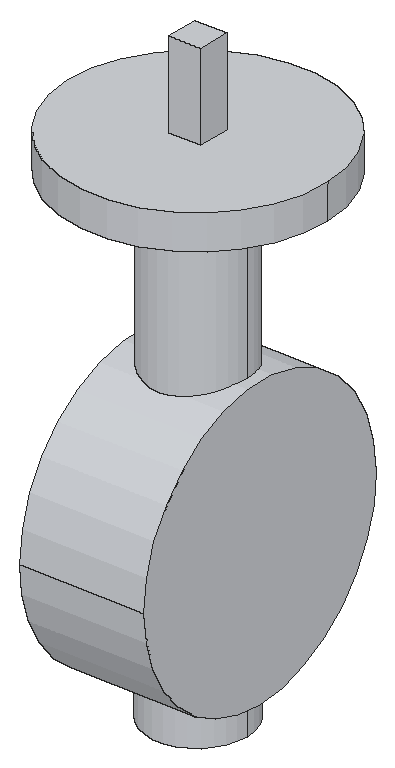
Revit family "HS497-68_disk-nerez_volné vřeteno DN050-RFA_2019", category Pipe Accessories, Revit 2019
Family settings
  Round Connector Dimension = Use Diameter
  Part Type = Valve - Breaks Into
  Work Plane-Based = No
  Always vertical = Yes
  Cut with Voids When Loaded = No
  Shared = No
Parameters (values of type "HS 497-68_DN050_volné vřeteno")
  magiProductId = "d71f296ecd6d4adf8f6e5d9853b4e0"
  magiProductFamilyId = "53cea81e6f374d17b8841d9c72ad77"
  magiPartTypeId = 305
  isMeasuringValve [instance] = no
  ang2D [instance] = 0.00°
  X11 = 61.456 mm
  X1 = 25.456 mm
  W2D = 1000 mm
  VersionID = "2.0/2017.9.26.1/ZETKAMA_497_001"
  Use Minimum Symbol Size [instance] = yes
  URL = "http://www.hydronic.cz"
  Type Comments = "mezipřírubová; nerezový disk; PN16; -10~+110°C (krátkodobě +120°C)"
  SW30 = no
  SW3 = no
  SW21 = no
  SW20 = no
  SW2 = no
  SW1 = yes
  R = 25 mm
  QmdConnectorList = "301;D;302;D"
  Productdata [instance] = ""
  NC = 50 mm
  Manufacturer = "Hydronic Systems Prague s.r.o."
  MM20 = 25.456 mm
  MC Product Code = "124 050 (nerezový disk, s volným vřetenem; DN50; PN16, kvs98)"
  M41 = 66 mm
  M4 = 44 mm
  LHL = 220 mm
  LHH3 = 2.45 mm
  LHH1 = 46.55 mm
  LH1 = 73.333 mm
  L4R__ve = -L4R  # -12.8 mm
  L4R = 12.8 mm
  L42__ve = -L42  # -96 mm
  L42 = 96 mm
  L41__ve = -L41  # -19.2 mm
  L41 = 19.2 mm
  L2D_Min = 3048 mm
  L2D = 216 mm
  L2 = 21.5 mm
  L1 = 34.4 mm
  L = 43 mm
  H = 30 mm
  G22 = 11.25 mm
  G2 = 22.5 mm
  G1 = 90 mm
  G = 90 mm
  F = 11 mm
  E44 = 31.25 mm
  E42 = 62.5 mm
  E4 = 125 mm
  E23 = 4.9 mm
  E22 = 19.6 mm
  E21 = 9.8 mm
  Description = "Mezipřírubová uzavírací klapka s volným vřetenem; nerezový disk, DN50; PN16; kvs98"
  DR2 = 25 mm
  DR = 100 mm
  DD1 = 15.625 mm
  DD = 12.5 mm
  D = 50 mm
  CAT0 = yes
  B2__ve = -B2  # -36.5 mm
  B2 = 36.5 mm
  A2 = 12 mm
  A1 = 83 mm
Types (43, lengths in mm): name | magiProductId | X11 | X1 | Type Comments | SW30 | SW3 | SW20 | SW2 | SW1 | R | NC | Manufacturer | MM20 | MC Product Code | M41 | M4 | LHL | LHH3 | LHH1 | LH1 | L4R__ve | L4R | L42__ve | L42 | L41__ve | L41 | L2 | L1 | L | H | G | F | E44 | E42 | E4 | E23 | E22 | E21 | Description | DR2 | DR | DD1 | DD | D | B2__ve | B2 | A2 | A1
  HS 497-68_DN100_PN16_volné vřeteno | "65d1b245f4f142c78569c0602d5754" | 61.456 | 25.456 | "mezipřírubová; nerezový disk; PN16; -10~+110°C (krátkodobě +120°C)" | no | no | no | no | yes | 50 | 50 | "Hydronic Systems Prague s.r.o." | 25.456 | "124 100 (nerezový disk, s volným vřetenem; DN100; PN16, kvs512)" | 66 | 44 | 220 | 2.45 | 46.55 | 73.333 | -12.8 | 12.8 | -96 | 96 | -19.2 | 19.2 | 26 | 41.6 | 52 | 30 | 90 | 11 | 31.25 | 62.5 | 125 | 4.9 | 19.6 | 9.8 | "Mezipřírubová uzavírací klapka s volným vřetenem; nerezový disk, DN100; PN16; kvs512" | 50 | 147 | 15.625 | 12.5 | 100 | -56 | 56 | 16.5 | 98.5
  HS 497-68_DN100_PN16_převodové kolo | "11e91b807e674d428c8e796fcdcfe2" | 61.456 | 25.456 | "mezipřírubová; nerezový disk; PN16; -10~+110°C (krátkodobě +120°C)" | yes | yes | no | no | no | 50 | 50 | "Hydronic Systems Prague s.r.o." | 25.456 | "126 100 (nerezový disk, s převodovým kolem; DN100; PN16, kvs512)" | 65.25 | 43.5 | 220 | 2.45 | 46.55 | 73.333 | -12.8 | 12.8 | -96 | 96 | -19.2 | 19.2 | 26 | 41.6 | 52 | 30 | 90 | 11 | 31.25 | 62.5 | 125 | 4.9 | 19.6 | 9.8 | "Mezipřírubová uzavírací klapka s převodovým kolem; nerezový disk, DN100; PN16; kvs512" | 50 | 147 | 15.625 | 12.5 | 100 | -56 | 56 | 16.5 | 98.5
  HS 497-68_DN100_PN16_s pákou | "28172f0b3f4b47b28323ac71cf8749" | 61.456 | 25.456 | "mezipřírubová; nerezový disk; PN16; -10~+110°C (krátkodobě +120°C)" | no | no | yes | yes | no | 50 | 50 | "Hydronic Systems Prague s.r.o." | 25.456 | "121 100 (nerezový disk, s pákou; DN100; PN16, kvs512)" | 66 | 44 | 260 | 3 | 57 | 86.667 | -12.8 | 12.8 | -96 | 96 | -19.2 | 19.2 | 26 | 41.6 | 52 | 30 | 90 | 11 | 31.25 | 62.5 | 125 | 6 | 24 | 12 | "Mezipřírubová uzavírací klapka s pákou; nerezový disk, DN100; PN16; kvs512" | 50 | 147 | 15.625 | 12.5 | 100 | -56 | 56 | 16.5 | 98.5
  HS 497-68_DN125_PN16_volné vřeteno | "0d813d910fc14f628bb3c2efbd185c" | 61.456 | 25.456 | "mezipřírubová; nerezový disk; PN16; -10~+110°C (krátkodobě +120°C)" | no | no | no | no | yes | 62.5 | 50 | "Hydronic Systems Prague s.r.o." | 25.456 | "124 125 (nerezový disk, s volným vřetenem; DN125; PN16, kvs872)" | 66 | 44 | 220 | 2.45 | 46.55 | 73.333 | -12.8 | 12.8 | -96 | 96 | -19.2 | 19.2 | 28 | 44.8 | 56 | 33 | 90 | 14 | 31.25 | 62.5 | 125 | 4.9 | 19.6 | 9.8 | "Mezipřírubová uzavírací klapka s volným vřetenem; nerezový disk, DN125; PN16; kvs872" | 62.5 | 180 | 15.625 | 12.5 | 125 | -64 | 64 | 18 | 99.5
  HS 497-68_DN125_PN16_převodové kolo | "c56b7c13f372467684996fb1e0e229" | 61.456 | 25.456 | "mezipřírubová; nerezový disk; PN16; -10~+110°C (krátkodobě +120°C)" | yes | yes | no | no | no | 62.5 | 50 | "Hydronic Systems Prague s.r.o." | 25.456 | "126125 (nerezový disk, s převodovým kolem; DN125; PN16, kvs872)" | 65.25 | 43.5 | 220 | 2.45 | 46.55 | 73.333 | -13.5 | 13.5 | -101.25 | 101.25 | -20.25 | 20.25 | 28 | 44.8 | 56 | 33 | 90 | 14 | 40 | 80 | 160 | 4.9 | 19.6 | 9.8 | "Mezipřírubová uzavírací klapka s převodovým kolem; nerezový disk, DN125; PN16; kvs872" | 62.5 | 180 | 20 | 16 | 125 | -64 | 64 | 18 | 99.5
  HS 497-68_DN125_PN16_s pákou | "105993c79a91492399feef7931321a" | 61.456 | 25.456 | "mezipřírubová; nerezový disk; PN16; -10~+110°C (krátkodobě +120°C)" | no | no | yes | yes | no | 62.5 | 50 | "Hydronic Systems Prague s.r.o." | 25.456 | "121 125 (nerezový disk, s pákou; DN125; PN16, kvs872)" | 66 | 44 | 315 | 3.75 | 71.25 | 105 | -12.8 | 12.8 | -96 | 96 | -19.2 | 19.2 | 28 | 44.8 | 56 | 33 | 90 | 14 | 31.25 | 62.5 | 125 | 7.5 | 30 | 15 | "Mezipřírubová uzavírací klapka s pákou; nerezový disk, DN125; PN16; kvs872" | 62.5 | 180 | 15.625 | 12.5 | 125 | -64 | 64 | 18 | 99.5
  HS 497-68_DN150_PN16_volné vřeteno | "50c80cb8ab434f55ab7796e5ac1331" | 61.456 | 25.456 | "mezipřírubová; nerezový disk; PN16; -10~+110°C (krátkodobě +120°C)" | no | no | no | no | yes | 75 | 50 | "Hydronic Systems Prague s.r.o." | 25.456 | "124 150 (nerezový disk, s volným vřetenem; DN150; PN16, kvs1347)" | 66 | 44 | 220 | 2.45 | 46.55 | 73.333 | -12.8 | 12.8 | -96 | 96 | -19.2 | 19.2 | 28 | 44.8 | 56 | 33 | 90 | 14 | 31.25 | 62.5 | 125 | 4.9 | 19.6 | 9.8 | "Mezipřírubová uzavírací klapka s volným vřetenem; nerezový disk, DN150; PN16; kvs1347" | 75 | 206 | 15.625 | 12.5 | 150 | -58 | 58 | 19.3 | 98.7
  HS 497-68_DN150_PN16_převodové kolo | "d94a1a0cf83b476eb10011b327f709" | 61.456 | 25.456 | "mezipřírubová; nerezový disk; PN16; -10~+110°C (krátkodobě +120°C)" | yes | yes | no | no | no | 75 | 50 | "Hydronic Systems Prague s.r.o." | 25.456 | "126 150 (nerezový disk, s převodovým kolem; DN150; PN16, kvs1347)" | 65.25 | 43.5 | 220 | 2.45 | 46.55 | 73.333 | -13.5 | 13.5 | -101.25 | 101.25 | -20.25 | 20.25 | 28 | 44.8 | 56 | 33 | 90 | 14 | 40 | 80 | 160 | 4.9 | 19.6 | 9.8 | "Mezipřírubová uzavírací klapka s převodovým kolem; nerezový disk, DN150; PN16; kvs1347" | 75 | 206 | 20 | 16 | 150 | -58 | 58 | 19.3 | 98.7
  HS 497-68_DN150_PN16_s pákou | "4d2835523fe84828bc50ff0a5a0dfb" | 61.456 | 25.456 | "mezipřírubová; nerezový disk; PN16; -10~+110°C (krátkodobě +120°C)" | no | no | yes | yes | no | 75 | 50 | "Hydronic Systems Prague s.r.o." | 25.456 | "121 150 (nerezový disk, s pákou; DN150; PN16, kvs1347)" | 66 | 44 | 315 | 3.75 | 71.25 | 105 | -12.8 | 12.8 | -96 | 96 | -19.2 | 19.2 | 28 | 44.8 | 56 | 33 | 90 | 14 | 31.25 | 62.5 | 125 | 7.5 | 30 | 15 | "Mezipřírubová uzavírací klapka s pákou; nerezový disk, DN150; PN16; kvs1347" | 75 | 206 | 15.625 | 12.5 | 150 | -58 | 58 | 19.3 | 98.7
  HS 497-68_DN200_PN16_volné vřeteno | "5b29029eaeba47139ee1055a4b9201" | 61.456 | 25.456 | "mezipřírubová; nerezový disk; PN16; -10~+110°C (krátkodobě +120°C)" | no | no | no | no | yes | 100 | 50 | "Hydronic Systems Prague s.r.o." | 25.456 | "124 200 (nerezový disk, s volným vřetenem; DN200; PN16, kvs2675)" | 66 | 44 | 220 | 2.45 | 46.55 | 73.333 | -12.8 | 12.8 | -96 | 96 | -19.2 | 19.2 | 30 | 48 | 60 | 33 | 90 | 17 | 31.25 | 62.5 | 125 | 4.9 | 19.6 | 9.8 | "Mezipřírubová uzavírací klapka s volným vřetenem; nerezový disk, DN200; PN16; kvs2675" | 100 | 257 | 15.625 | 12.5 | 200 | -70 | 70 | 22.5 | 102.5
  HS 497-68_DN200_PN16_převodové kolo | "b2793cc1fcc44cf2a35062cd67c04f" | 61.456 | 25.456 | "mezipřírubová; nerezový disk; PN16; -10~+110°C (krátkodobě +120°C)" | yes | yes | no | no | no | 100 | 57 | "Hydronic Systems Prague s.r.o." | 25.456 | "126 200 (nerezový disk, s převodovým kolem; DN200; PN16, kvs2675)" | 78.75 | 52.5 | 220 | 2.45 | 46.55 | 73.333 | -15.2 | 15.2 | -114 | 114 | -22.8 | 22.8 | 30 | 48 | 60 | 33 | 90 | 17 | 50 | 100 | 200 | 4.9 | 19.6 | 9.8 | "Mezipřírubová uzavírací klapka s převodovým kolem; nerezový disk, DN200; PN16; kvs2675" | 100 | 257 | 25 | 20 | 200 | -70 | 70 | 22.5 | 102.5
  HS 497-68_DN200_PN16_s pákou | "f88d96c7af224537a51e72d7d8fffe" | 61.456 | 25.456 | "mezipřírubová; nerezový disk; PN16; -10~+110°C (krátkodobě +120°C)" | no | no | yes | yes | no | 100 | 50 | "Hydronic Systems Prague s.r.o." | 25.456 | "121 200 (nerezový disk, s pákou; DN200; PN16, kvs2675)" | 66 | 44 | 315 | 3.75 | 71.25 | 105 | -12.8 | 12.8 | -96 | 96 | -19.2 | 19.2 | 30 | 48 | 60 | 33 | 90 | 17 | 31.25 | 62.5 | 125 | 7.5 | 30 | 15 | "Mezipřírubová uzavírací klapka s pákou; nerezový disk, DN200; PN16; kvs2675" | 100 | 257 | 15.625 | 12.5 | 200 | -70 | 70 | 22.5 | 102.5
  HS 497-68_DN250_PN16_volné vřeteno | "b662e8305ca2402b9c510e66e6aa55" | 88.77 | 36.77 | "mezipřírubová; nerezový disk; PN16; -10~+110°C (krátkodobě +120°C)" | no | no | no | no | yes | 125 | 50 | "Hydronic Systems Prague s.r.o." | 36.77 | "124 250 (nerezový disk, s volným vřetenem; DN250; PN16, kvs4555)" | 66 | 44 | 220 | 2.45 | 46.55 | 73.333 | -12.8 | 12.8 | -96 | 96 | -19.2 | 19.2 | 34 | 54.4 | 68 | 23 | 130 | 22 | 31.25 | 62.5 | 125 | 4.9 | 19.6 | 9.8 | "Mezipřírubová uzavírací klapka s volným vřetenem; nerezový disk, DN250; PN16; kvs4555" | 125 | 324 | 15.625 | 12.5 | 250 | -85 | 85 | 28.25 | 129.25
  HS 497-68_DN250_PN16_převodové kolo | "5ee9016806664ddfaa2632711f295c" | 88.77 | 36.77 | "mezipřírubová; nerezový disk; PN16; -10~+110°C (krátkodobě +120°C)" | yes | yes | no | no | no | 125 | 70 | "Hydronic Systems Prague s.r.o." | 36.77 | "126 250 (nerezový disk, s převodovým kolem; DN250; PN16, kvs4555)" | 91.5 | 61 | 220 | 2.45 | 46.55 | 73.333 | -22.2 | 22.2 | -166.5 | 166.5 | -33.3 | 33.3 | 34 | 54.4 | 68 | 23 | 130 | 22 | 62.5 | 125 | 250 | 4.9 | 19.6 | 9.8 | "Mezipřírubová uzavírací klapka s převodovým kolem; nerezový disk, DN250; PN16; kvs4555" | 125 | 324 | 31.25 | 25 | 250 | -85 | 85 | 28.25 | 129.25
  HS 497-68_DN300_PN16_volné vřeteno | "e1886f51ff004380a649519258edf2" | 88.77 | 36.77 | "mezipřírubová; nerezový disk; PN16; -10~+110°C (krátkodobě +120°C)" | no | no | no | no | yes | 150 | 50 | "Hydronic Systems Prague s.r.o." | 36.77 | "124 300 (nerezový disk, s volným vřetenem; DN300; PN16, kvs7037)" | 66 | 44 | 220 | 2.45 | 46.55 | 73.333 | -12.8 | 12.8 | -96 | 96 | -19.2 | 19.2 | 39 | 62.4 | 78 | 23 | 130 | 22 | 31.25 | 62.5 | 125 | 4.9 | 19.6 | 9.8 | "Mezipřírubová uzavírací klapka s volným vřetenem; nerezový disk, DN300; PN16; kvs7037" | 150 | 376 | 15.625 | 12.5 | 300 | -90 | 90 | 30.8 | 127.2
  HS 497-68_DN300_PN16_převodové kolo | "6860f094f77d42088fbebc3c97f755" | 88.77 | 36.77 | "mezipřírubová; nerezový disk; PN16; -10~+110°C (krátkodobě +120°C)" | yes | yes | no | no | no | 150 | 70 | "Hydronic Systems Prague s.r.o." | 36.77 | "126 300 (nerezový disk, s převodovým kolem; DN300; PN16, kvs7037)" | 91.5 | 61 | 220 | 2.45 | 46.55 | 73.333 | -22.2 | 22.2 | -166.5 | 166.5 | -33.3 | 33.3 | 39 | 62.4 | 78 | 23 | 130 | 22 | 62.5 | 125 | 250 | 4.9 | 19.6 | 9.8 | "Mezipřírubová uzavírací klapka s převodovým kolem; nerezový disk, DN300; PN16; kvs7037" | 150 | 376 | 31.25 | 25 | 300 | -90 | 90 | 30.8 | 127.2
  HS 497-68_DN032_PN16_volné vřeteno | "8c5f65de52aa4067a77564107e31b2" | 61.456 | 25.456 | "mezipřírubová; nerezový disk; PN16; -10~+110°C (krátkodobě +120°C)" | no | no | no | no | yes | 16 | 50 | "Hydronic Systems Prague s.r.o." | 25.456 | "124 032 (nerezový disk, s volným vřetenem; DN32; PN16, kvs78)" | 66 | 44 | 220 | 2.45 | 46.55 | 73.333 | -12.8 | 12.8 | -96 | 96 | -19.2 | 19.2 | 16.5 | 26.4 | 33 | 30 | 90 | 11 | 31.25 | 62.5 | 125 | 4.9 | 19.6 | 9.8 | "Mezipřírubová uzavírací klapka s volným vřetenem; nerezový disk, DN32; PN16; kvs78" | 16 | 68 | 15.625 | 12.5 | 32 | -44.2 | 44.2 | 10.25 | 76.25
  HS 497-68_DN032_PN16_převodové kolo | "60aaeffa8b3a4e809ef000e4660060" | 61.456 | 25.456 | "mezipřírubová; nerezový disk; PN16; -10~+110°C (krátkodobě +120°C)" | yes | yes | no | no | no | 16 | 50 | "Hydronic Systems Prague s.r.o." | 25.456 | "126 032 (nerezový disk, s převodovým kolem; DN32; PN16, kvs78)" | 65.25 | 43.5 | 220 | 2.45 | 46.55 | 73.333 | -12.8 | 12.8 | -96 | 96 | -19.2 | 19.2 | 16.5 | 26.4 | 33 | 30 | 90 | 11 | 31.25 | 62.5 | 125 | 4.9 | 19.6 | 9.8 | "Mezipřírubová uzavírací klapka s převodovým kolem; nerezový disk, DN32; PN16; kvs78" | 16 | 68 | 15.625 | 12.5 | 32 | -44.2 | 44.2 | 10.25 | 76.25
  HS 497-68_DN032_PN16_s pákou | "9ad8088d610749a1b871aa2aad8007" | 61.456 | 25.456 | "mezipřírubová; nerezový disk; PN16; -10~+110°C (krátkodobě +120°C)" | no | no | yes | yes | no | 16 | 50 | "Hydronic Systems Prague s.r.o." | 25.456 | "121 032 (nerezový disk, s pákou; DN32; PN16, kvs78)" | 66 | 44 | 220 | 2.45 | 46.55 | 73.333 | -12.8 | 12.8 | -96 | 96 | -19.2 | 19.2 | 16.5 | 26.4 | 33 | 30 | 90 | 11 | 31.25 | 62.5 | 125 | 4.9 | 19.6 | 9.8 | "Mezipřírubová uzavírací klapka s pákou; nerezový disk, DN32; PN16; kvs78" | 16 | 68 | 15.625 | 12.5 | 32 | -44.2 | 44.2 | 10.25 | 76.25
  HS 497-68_DN350_PN10_volné vřeteno | "72a1e05f22944421b7e9596a877137" | 109.255 | 45.255 | "mezipřírubová; nerezový disk; PN10; -10~+110°C (krátkodobě +120°C)" | no | no | no | no | yes | 175 | 50 | "Hydronic Systems Prague s.r.o." | 45.255 | "124 350 (nerezový disk, s volným vřetenem; DN350; PN10, kvs10165)" | 66 | 44 | 220 | 2.45 | 46.55 | 73.333 | -12.8 | 12.8 | -96 | 96 | -19.2 | 19.2 | 39 | 62.4 | 78 | 31 | 160 | 22 | 31.25 | 62.5 | 125 | 4.9 | 19.6 | 9.8 | "Mezipřírubová uzavírací klapka s volným vřetenem; nerezový disk, DN350; PN10; kvs10165" | 175 | 430 | 15.625 | 12.5 | 350 | -88 | 88 | 33.85 | 129.65
  HS 497-68_DN350_PN10_převodové kolo | "a5a01426cb28494ba3afca92f1dace" | 109.255 | 45.255 | "mezipřírubová; nerezový disk; PN10; -10~+110°C (krátkodobě +120°C)" | yes | yes | no | no | no | 175 | 70 | "Hydronic Systems Prague s.r.o." | 45.255 | "126 350 (nerezový disk, s převodovým kolem; DN350; PN10, kvs10165)" | 91.5 | 61 | 220 | 2.45 | 46.55 | 73.333 | -22.2 | 22.2 | -166.5 | 166.5 | -33.3 | 33.3 | 39 | 62.4 | 78 | 31 | 160 | 22 | 62.5 | 125 | 250 | 4.9 | 19.6 | 9.8 | "Mezipřírubová uzavírací klapka s převodovým kolem; nerezový disk, DN350; PN10; kvs10165" | 175 | 430 | 31.25 | 25 | 350 | -88 | 88 | 33.85 | 129.65
  HS 497-68_DN400_PN10_volné vřeteno | "c70ebeb927c04ab99b176e257ad0a7" | 109.255 | 45.255 | "mezipřírubová; nerezový disk; PN10; -10~+110°C (krátkodobě +120°C)" | no | no | no | no | yes | 200 | 50 | "Hydronic Systems Prague s.r.o." | 45.255 | "124 400 (nerezový disk, s volným vřetenem; DN400; PN10, kvs13799)" | 66 | 44 | 220 | 2.45 | 46.55 | 73.333 | -12.8 | 12.8 | -96 | 96 | -19.2 | 19.2 | 51 | 81.6 | 102 | 31 | 160 | 27 | 31.25 | 62.5 | 125 | 4.9 | 19.6 | 9.8 | "Mezipřírubová uzavírací klapka s volným vřetenem; nerezový disk, DN400; PN10; kvs13799" | 200 | 485 | 15.625 | 12.5 | 400 | -108 | 108 | 38 | 142
  HS 497-68_DN400_PN10_převodové kolo | "cc64a4384dcb41b780d81810f4f293" | 109.255 | 45.255 | "mezipřírubová; nerezový disk; PN10; -10~+110°C (krátkodobě +120°C)" | yes | yes | no | no | no | 200 | 72.5 | "Hydronic Systems Prague s.r.o." | 45.255 | "126 400 (nerezový disk, s převodovým kolem; DN400; PN10, kvs13799)" | 103.5 | 69 | 220 | 2.45 | 46.55 | 73.333 | -27.8 | 27.8 | -208.5 | 208.5 | -41.7 | 41.7 | 51 | 81.6 | 102 | 31 | 160 | 27 | 75 | 150 | 300 | 4.9 | 19.6 | 9.8 | "Mezipřírubová uzavírací klapka s převodovým kolem; nerezový disk, DN400; PN10; kvs13799" | 200 | 485 | 37.5 | 30 | 400 | -108 | 108 | 38 | 142
  HS 497-68_DN040_PN16_volné vřeteno | "35f92312390745e88df5b5c325d9ee" | 61.456 | 25.456 | "mezipřírubová; nerezový disk; PN16; -10~+110°C (krátkodobě +120°C)" | no | no | no | no | yes | 20 | 50 | "Hydronic Systems Prague s.r.o." | 25.456 | "124 040 (nerezový disk, s volným vřetenem; DN40; PN16, kvs78)" | 66 | 44 | 220 | 2.45 | 46.55 | 73.333 | -12.8 | 12.8 | -96 | 96 | -19.2 | 19.2 | 16.5 | 26.4 | 33 | 30 | 90 | 11 | 31.25 | 62.5 | 125 | 4.9 | 19.6 | 9.8 | "Mezipřírubová uzavírací klapka s volným vřetenem; nerezový disk, DN40; PN16; kvs78" | 20 | 76 | 15.625 | 12.5 | 40 | -36 | 36 | 11 | 79
  HS 497-68_DN040_PN16_převodové kolo | "d88e968eae3445bc9b7b4e6ff35127" | 61.456 | 25.456 | "mezipřírubová; nerezový disk; PN16; -10~+110°C (krátkodobě +120°C)" | yes | yes | no | no | no | 20 | 50 | "Hydronic Systems Prague s.r.o." | 25.456 | "126 040 (nerezový disk, s převodovým kolem; DN40; PN16, kvs78)" | 65.25 | 43.5 | 220 | 2.45 | 46.55 | 73.333 | -12.8 | 12.8 | -96 | 96 | -19.2 | 19.2 | 16.5 | 26.4 | 33 | 30 | 90 | 11 | 31.25 | 62.5 | 125 | 4.9 | 19.6 | 9.8 | "Mezipřírubová uzavírací klapka s převodovým kolem; nerezový disk, DN40; PN16; kvs78" | 20 | 76 | 15.625 | 12.5 | 40 | -36 | 36 | 11 | 79
  HS 497-68_DN040_PN16_s pákou | "c1b522ca65b4407a98818f232eaacb" | 61.456 | 25.456 | "mezipřírubová; nerezový disk; PN16; -10~+110°C (krátkodobě +120°C)" | no | no | yes | yes | no | 20 | 50 | "Hydronic Systems Prague s.r.o." | 25.456 | "121 040 (nerezový disk, s pákou; DN40; PN16, kvs78)" | 66 | 44 | 220 | 2.45 | 46.55 | 73.333 | -12.8 | 12.8 | -96 | 96 | -19.2 | 19.2 | 16.5 | 26.4 | 33 | 30 | 90 | 11 | 31.25 | 62.5 | 125 | 4.9 | 19.6 | 9.8 | "Mezipřírubová uzavírací klapka s pákou; nerezový disk, DN40; PN16; kvs78" | 20 | 76 | 15.625 | 12.5 | 40 | -36 | 36 | 11 | 79
  HS 497-68_DN450_PN10_volné vřeteno | "a8358bc282f14872b3194e530e590a" | 129.74 | 53.74 | "mezipřírubová; nerezový disk; PN10; -10~+110°C (krátkodobě +120°C)" | no | no | no | no | yes | 225 | 50 | "Hydronic Systems Prague s.r.o." | 53.74 | "124 450 (nerezový disk, s volným vřetenem; DN450; PN10, kvs18514)" | 66 | 44 | 220 | 2.45 | 46.55 | 73.333 | -12.8 | 12.8 | -96 | 96 | -19.2 | 19.2 | 57 | 91.2 | 114 | 38 | 190 | 36 | 31.25 | 62.5 | 125 | 4.9 | 19.6 | 9.8 | "Mezipřírubová uzavírací klapka s volným vřetenem; nerezový, DN450; PN10; kvs18514" | 225 | 536 | 15.625 | 12.5 | 450 | -115 | 115 | 38.05 | 117.45
  HS 497-68_DN450_PN10_převodové kolo | "cdf2d80f54a9414f9cbe50647c0ebd" | 129.74 | 53.74 | "mezipřírubová; nerezový disk; PN10; -10~+110°C (krátkodobě +120°C)" | yes | yes | no | no | no | 225 | 91.5 | "Zetkama" | 53.74 | "126 450 (nerezový disk, s převodovým kolem; DN450; PN10, kvs18514)" | 144.75 | 96.5 | 220 | 2.45 | 46.55 | 73.333 | -32.1 | 32.1 | -240.75 | 240.75 | -48.15 | 48.15 | 57 | 91.2 | 114 | 38 | 190 | 36 | 100 | 200 | 400 | 4.9 | 19.6 | 9.8 | "Mezipřírubová uzavírací klapka s převodovým kolem; nerezový disk, DN450; PN10; kvs18514" | 225 | 536 | 50 | 40 | 450 | -115 | 115 | 38.05 | 117.45
  HS 497-68_DN500_PN10_volné vřeteno | "8c396e27bb2743f98f3c762b6517cd" | 143.397 | 59.397 | "mezipřírubová; nerezový disk; PN10; -10~+110°C (krátkodobě +120°C)" | no | no | no | no | yes | 250 | 50 | "Hydronic Systems Prague s.r.o." | 59.397 | "124 500 (nerezový disk, s volným vřetenem; DN500; PN10, kvs23805)" | 66 | 44 | 220 | 2.45 | 46.55 | 73.333 | -12.8 | 12.8 | -96 | 96 | -19.2 | 19.2 | 63.5 | 101.6 | 127 | 38 | 210 | 36 | 31.25 | 62.5 | 125 | 4.9 | 19.6 | 9.8 | "Mezipřírubová uzavírací klapka s volným vřetenem; nerezový disk, DN500; PN10; kvs23805" | 250 | 593 | 15.625 | 12.5 | 500 | -130 | 130 | 43.25 | 139.25
  HS 497-68_DN500_PN10_převodové kolo | "7647804f32e94cef828a7034a91a46" | 143.397 | 59.397 | "mezipřírubová; nerezový disk; PN10; -10~+110°C (krátkodobě +120°C)" | yes | yes | no | no | no | 250 | 91.5 | "Zetkama" | 59.397 | "126 500 (nerezový disk, s převodovým kolem; DN500; PN10, kvs23805)" | 144.75 | 96.5 | 220 | 2.45 | 46.55 | 73.333 | -32.1 | 32.1 | -240.75 | 240.75 | -48.15 | 48.15 | 63.5 | 101.6 | 127 | 38 | 210 | 36 | 100 | 200 | 400 | 4.9 | 19.6 | 9.8 | "Mezipřírubová uzavírací klapka s převodovým kolem; nerezový disk, DN500; PN10; kvs23805" | 250 | 593 | 50 | 40 | 500 | -130 | 130 | 43.25 | 139.25
  HS 497-68_DN050_volné vřeteno | "d71f296ecd6d4adf8f6e5d9853b4e0" | 61.456 | 25.456 | "mezipřírubová; nerezový disk; PN16; -10~+110°C (krátkodobě +120°C)" | no | no | no | no | yes | 25 | 50 | "Hydronic Systems Prague s.r.o." | 25.456 | "124 050 (nerezový disk, s volným vřetenem; DN50; PN16, kvs98)" | 66 | 44 | 220 | 2.45 | 46.55 | 73.333 | -12.8 | 12.8 | -96 | 96 | -19.2 | 19.2 | 21.5 | 34.4 | 43 | 30 | 90 | 11 | 31.25 | 62.5 | 125 | 4.9 | 19.6 | 9.8 | "Mezipřírubová uzavírací klapka s volným vřetenem; nerezový disk, DN50; PN16; kvs98" | 25 | 100 | 15.625 | 12.5 | 50 | -36.5 | 36.5 | 12 | 83
  HS 497-68_DN050_PN16_převodové kolo | "2fb080deeaed49c58418b94c1da5a4" | 61.456 | 25.456 | "mezipřírubová; nerezový disk; PN16; -10~+110°C (krátkodobě +120°C)" | yes | yes | no | no | no | 25 | 50 | "Hydronic Systems Prague s.r.o." | 25.456 | "126 050 (nerezový disk, s převodovým kolem; DN50; PN16, kvs98)" | 65.25 | 43.5 | 220 | 2.45 | 46.55 | 73.333 | -12.8 | 12.8 | -96 | 96 | -19.2 | 19.2 | 21.5 | 34.4 | 43 | 30 | 90 | 11 | 31.25 | 62.5 | 125 | 4.9 | 19.6 | 9.8 | "Mezipřírubová uzavírací klapka s převodovým kolem; nerezový disk, DN50; PN16; kvs98" | 25 | 100 | 15.625 | 12.5 | 50 | -36.5 | 36.5 | 12 | 83
  HS 497-68_DN050_PN16_s pákou | "dabc632061f94877a994b9b4e68112" | 61.456 | 25.456 | "mezipřírubová; nerezový disk; PN16; -10~+110°C (krátkodobě +120°C)" | no | no | yes | yes | no | 25 | 50 | "Hydronic Systems Prague s.r.o." | 25.456 | "121 050 (nerezový disk, s pákou; DN50; PN16, kvs98)" | 66 | 44 | 220 | 2.45 | 46.55 | 73.333 | -12.8 | 12.8 | -96 | 96 | -19.2 | 19.2 | 21.5 | 34.4 | 43 | 30 | 90 | 11 | 31.25 | 62.5 | 125 | 4.9 | 19.6 | 9.8 | "Mezipřírubová uzavírací klapka s pákou; nerezový disk, DN50; PN16; kvs98" | 25 | 100 | 15.625 | 12.5 | 50 | -36.5 | 36.5 | 12 | 83
  HS 497-68_DN600_PN10_volné vřeteno | "99d5892c14664fce81a7c5903f7711" | 143.397 | 59.397 | "mezipřírubová; nerezový disk; PN10; -10~+110°C (krátkodobě +120°C)" | no | no | no | no | yes | 300 | 50 | "Hydronic Systems Prague s.r.o." | 59.397 | "124 600 (nerezový disk, s volným vřetenem; DN600; PN10, kvs36778)" | 66 | 44 | 220 | 2.45 | 46.55 | 73.333 | -12.8 | 12.8 | -96 | 96 | -19.2 | 19.2 | 77 | 123.2 | 154 | 80 | 210 | 60 | 31.25 | 62.5 | 125 | 4.9 | 19.6 | 9.8 | "Mezipřírubová uzavírací klapka s volným vřetenem; nerezový disk, DN600; PN10; kvs36788" | 300 | 690 | 15.625 | 12.5 | 600 | -140 | 140 | 49.4 | 144.6
  HS 497-68_DN600_PN10_převodové kolo | "b1e26faab48a4c499f6bb11e7e3002" | 143.397 | 59.397 | "mezipřírubová; lnerezový disk; PN10; -10~+110°C (krátkodobě +120°C)" | yes | yes | no | no | no | 300 | 140 | "Hydronic Systems Prague s.r.o." | 59.397 | "126 600 (nerezový disk, s převodovým kolem; DN600; PN10, kvs36778)" | 206.25 | 137.5 | 220 | 2.45 | 46.55 | 73.333 | -40.8 | 40.8 | -306 | 306 | -61.2 | 61.2 | 77 | 123.2 | 154 | 80 | 210 | 60 | 125 | 250 | 500 | 4.9 | 19.6 | 9.8 | "Mezipřírubová uzavírací klapka s převodovým kolem; nerezový disk, DN600; PN10; kvs36788" | 300 | 690 | 62.5 | 50 | 600 | -140 | 140 | 49.4 | 144.6
  HS 497-68_DN065_PN16_volné vřeteno | "5e5e208646e34ec29f889baab5d08e" | 61.456 | 25.456 | "mezipřírubová; lnerezový disk; PN16; -10~+110°C (krátkodobě +120°C)" | no | no | no | no | yes | 32.5 | 50 | "Hydronic Systems Prague s.r.o." | 25.456 | "124 065 (nerezový disk, s volným vřetenem; DN65; PN16, kvs167)" | 66 | 44 | 220 | 2.45 | 46.55 | 73.333 | -12.8 | 12.8 | -96 | 96 | -19.2 | 19.2 | 23 | 36.8 | 46 | 30 | 90 | 11 | 31.25 | 62.5 | 125 | 4.9 | 19.6 | 9.8 | "Mezipřírubová uzavírací klapka s volným vřetenem; nerezový disk, DN65; PN16; kv167" | 32.5 | 108 | 15.625 | 12.5 | 65 | -36.5 | 36.5 | 13.5 | 89
  HS 497-68_DN065_PN16_převodové kolo | "654d74c8d15540b0bfe523d988ccb3" | 61.456 | 25.456 | "mezipřírubová; nerezový disk; PN16; -10~+110°C (krátkodobě +120°C)" | yes | yes | no | no | no | 32.5 | 50 | "Hydronic Systems Prague s.r.o." | 25.456 | "126 065 (nerezový disk, s převodovým kolem; DN65; PN16, kvs167)" | 65.25 | 43.5 | 220 | 2.45 | 46.55 | 73.333 | -12.8 | 12.8 | -96 | 96 | -19.2 | 19.2 | 23 | 36.8 | 46 | 30 | 90 | 11 | 31.25 | 62.5 | 125 | 4.9 | 19.6 | 9.8 | "Mezipřírubová uzavírací klapka s převodovým kolem; nerezový disk, DN65; PN16; kvs167" | 32.5 | 108 | 15.625 | 12.5 | 65 | -36.5 | 36.5 | 13.5 | 89
  HS 497-68_DN065_PN16_s pákou | "ebeb4b59db0641caaf6d6635ab37b9" | 61.456 | 25.456 | "mezipřírubová; nerezový disk; PN16; -10~+110°C (krátkodobě +120°C)" | no | no | yes | yes | no | 32.5 | 50 | "Hydronic Systems Prague s.r.o." | 25.456 | "121 065 (nerezový disk, s pákou; DN65; PN16, kvs167)" | 66 | 44 | 220 | 2.45 | 46.55 | 73.333 | -12.8 | 12.8 | -96 | 96 | -19.2 | 19.2 | 23 | 36.8 | 46 | 30 | 90 | 11 | 31.25 | 62.5 | 125 | 4.9 | 19.6 | 9.8 | "Mezipřírubová uzavírací klapka s pákou; nerezový disk, DN65; PN16; kvs167" | 32.5 | 108 | 15.625 | 12.5 | 65 | -36.5 | 36.5 | 13.5 | 89
  HS 497-68_DN080_PN16_volné vřeteno | "9e85c75c18654e1185a9c48ed6b00e" | 61.456 | 25.456 | "mezipřírubová; nerezový disk; PN16; -10~+110°C (krátkodobě +120°C)" | no | no | no | no | yes | 40 | 50 | "Hydronic Systems Prague s.r.o." | 25.456 | "124 080 (nerezový disk, s volným vřetenem; DN80; PN16, kvs258)" | 66 | 44 | 220 | 2.45 | 46.55 | 73.333 | -12.8 | 12.8 | -96 | 96 | -19.2 | 19.2 | 23 | 36.8 | 46 | 30 | 90 | 11 | 31.25 | 62.5 | 125 | 4.9 | 19.6 | 9.8 | "Mezipřírubová uzavírací klapka s volným vřetenem; nerezový disk, DN80; PN16; kvs258" | 40 | 124 | 15.625 | 12.5 | 80 | -54 | 54 | 14.1 | 86.9
  HS 497-68_DN080_PN16_převodové kolo | "5b3c8238c3d041e68c75b199e7ea46" | 61.456 | 25.456 | "mezipřírubová; nerezový disk; PN16; -10~+110°C (krátkodobě +120°C)" | yes | yes | no | no | no | 40 | 50 | "Hydronic Systems Prague s.r.o." | 25.456 | "126 080 (nerezový disk, s převodovým kolem; DN80; PN16, kvs258)" | 65.25 | 43.5 | 220 | 2.45 | 46.55 | 73.333 | -12.8 | 12.8 | -96 | 96 | -19.2 | 19.2 | 23 | 36.8 | 46 | 30 | 90 | 11 | 31.25 | 62.5 | 125 | 4.9 | 19.6 | 9.8 | "Mezipřírubová uzavírací klapka s převodovým kolem; nerezový disk, DN80; PN16; kvs258" | 40 | 124 | 15.625 | 12.5 | 80 | -54 | 54 | 14.1 | 86.9
  HS 497-68_DN080_PN16_s pákou | "e414795fab0f4eccb99bc3572c5477" | 61.456 | 25.456 | "mezipřírubová; nerezový disk; PN16; -10~+110°C (krátkodobě +120°C)" | no | no | yes | yes | no | 40 | 50 | "Hydronic Systems Prague s.r.o." | 25.456 | "121 080 (nerezový disk, s pákou; DN80; PN16, kvs258)" | 66 | 44 | 260 | 3 | 57 | 86.667 | -12.8 | 12.8 | -96 | 96 | -19.2 | 19.2 | 23 | 36.8 | 46 | 30 | 90 | 11 | 31.25 | 62.5 | 125 | 6 | 24 | 12 | "Mezipřírubová uzavírací klapka s pákou; nerezový disk, DN80; PN16; kvs258" | 40 | 124 | 15.625 | 12.5 | 80 | -54 | 54 | 14.1 | 86.9
  HS 497-68_DN250_PN16_s pákou | "" | 88.77 | 36.77 | "mezipřírubová; nerezový disk; PN16; -10~+110°C (krátkodobě +120°C)" | no | no | yes | yes | no | 125 | 70 | "Hydronic Systems Prague s.r.o." | 36.77 | "121 250 (nerezový disk, s ákou; DN250; PN16, kvs4555)" | 91.5 | 61 | 220 | 2.45 | 46.55 | 73.333 | -22.2 | 22.2 | -166.5 | 166.5 | -33.3 | 33.3 | 34 | 54.4 | 68 | 23 | 130 | 22 | 62.5 | 125 | 250 | 4.9 | 19.6 | 9.8 | "Mezipřírubová uzavírací klapka s pákou; nerezový disk, DN250; PN16; kvs4555" | 125 | 324 | 31.25 | 25 | 250 | -85 | 85 | 28.25 | 129.25
  HS 497-68_DN300_PN16_s pákou | "" | 88.77 | 36.77 | "mezipřírubová; nerezový disk; PN16; -10~+110°C (krátkodobě +120°C)" | no | no | yes | yes | no | 150 | 70 | "Hydronic Systems Prague s.r.o." | 36.77 | "121 300 (nerezový disk, s pákou; DN300; PN16, kvs7037)" | 91.5 | 61 | 220 | 2.45 | 46.55 | 73.333 | -22.2 | 22.2 | -166.5 | 166.5 | -33.3 | 33.3 | 39 | 62.4 | 78 | 23 | 130 | 22 | 62.5 | 125 | 250 | 4.9 | 19.6 | 9.8 | "Mezipřírubová uzavírací klapka s pákou; nerezový disk, DN300; PN16; kvs7037" | 150 | 376 | 31.25 | 25 | 300 | -90 | 90 | 30.8 | 127.2
Reference planes
  plane 1 "Center (Front/Back)": y = 0
  plane 2 "XYPLANE": z = 0
  plane 3 "Center (Left/Right)": x = 0
  plane 4 "473": x = -25.456
  plane 5 "472": x = -66
  plane 6 "471": y = -25.456
  plane 7 "470": y = 25.456
  plane 8 "469": x = -44
  plane 9 "468": y = -115.2
  plane 10 "467": y = -96
  plane 11 "466": z = 151.25
  plane 12 "465": z = 166.55
  plane 13 "464": y = 145.417
  plane 14 "463": z = 156.75
  plane 15 "462": z = 139.6
  plane 16 "461": z = 149.4
  plane 17 "460": y = 72.083
  plane 18 "459": x = -11.25
  plane 19 "458": x = 11.25
  plane 20 "457": y = -6.25
  plane 21 "456": x = -17.5
  plane 22 "455": x = 17.5
  plane 23 "454": z = 154.3
  plane 24 "453": y = 62.083
  plane 25 "452": y = -11.25
  plane 26 "451": x = -22.5
  plane 27 "450": x = 22.5
  plane 28 "449": z = 134.7
  plane 29 "448": z = 129.8
  plane 30 "447": z = -25
  plane 31 "446": z = 120
  plane 32 "445": z = 108
  plane 33 "444": z = 25
  plane 34 "443": x = 21.5
  plane 35 "442": x = -21.5
  plane 36 "441": z = 0
  plane 37 "440": y = 0
  plane 38 "439": x = 0
  plane 39 "438": z = 169
  plane 40 "437": z = 154.3
  plane 41 "436": x = 13.7
  plane 42 "435": x = -13.7
  plane 43 "434": y = 220
Forms (mm)
  Extrusion 1, solid, visible <- "SW3"
    sketch origin (-750, 0, 120) x (1, 0, 0) y (0, 1, 0)
      loop
        line (684, 25.456) -> (684, -25.456) -> (724.544, -25.456)
        arc (724.544, -25.456) -> (786, 0) -> (724.544, 25.456) r 36
        line (724.544, 25.456) -> (684, 25.456)
    from 0 to 62.5 <- "E42"
  Extrusion 2, solid, visible <- "SW30"
    sketch origin (0, -750, 0) x (0, 1, 0) y (0, 0, 1)
      loop
        circle (750, 151.25) r 7.813
    from 0 to 50 <- "NC"
  Extrusion 3, solid, visible <- "SW30"
    sketch origin (750, -115.2, 0) x (-1, 0, 0) y (0, 0, 1)
      loop
        circle (794, 151.25) r 62.5
    from 0 to -12.8 <- "L4R__ve"
  Extrusion 4, solid, visible <- "SW3"
    sketch origin (750, -96, 0) x (-1, 0, 0) y (0, 0, 1)
      loop
        circle (794, 151.25) r 7.813
    from 0 to -19.2 <- "L41__ve"
  Extrusion 5, solid, visible <- "SW30"
    sketch origin (750, 0, 0) x (-1, 0, 0) y (0, 0, 1)
      loop
        circle (794, 151.25) r 6.25
    from 0 to -96 <- "L42__ve"
  Blend 6, solid, visible <- "SW21"
    base sketch origin (750, 72.083, 0) x (-1, 0, 0) y (0, 0, 1)
      loop
        line (761.25, 149.4) -> (738.75, 149.4) -> (738.75, 139.6) -> (761.25, 139.6) -> (761.25, 149.4)
    top sketch origin (750, 72.083, 0) x (-1, 0, 0) y (0, 0, 1)
      loop
        line (761.25, 166.55) -> (738.75, 166.55) -> (738.75, 156.75) -> (761.25, 156.75) -> (761.25, 166.55)
    from 0 to 73.333
  Blend 7, solid, visible <- "SW21"
    base sketch origin (750, 62.083, 0) x (-1, 0, 0) y (0, 0, 1)
      loop
        line (761.25, 154.3) -> (738.75, 154.3) -> (738.75, 134.7) -> (761.25, 134.7) -> (761.25, 154.3)
    top sketch origin (750, 62.083, 0) x (-1, 0, 0) y (0, 0, 1)
      loop
        line (761.25, 149.4) -> (738.75, 149.4) -> (738.75, 139.6) -> (761.25, 139.6) -> (761.25, 149.4)
    from 0 to 10
  Blend 8, solid, visible <- "SW21"
    base sketch origin (-750, 0, 134.7) x (1, 0, 0) y (0, 1, 0)
      loop
        line (772.5, 62.083) -> (727.5, 62.083) -> (727.5, -11.25)
        arc (727.5, -11.25) -> (750, -31.25) -> (772.5, -11.25) r 22.656
        line (772.5, -11.25) -> (772.5, 62.083)
    top sketch origin (-750, 0, 134.7) x (1, 0, 0) y (0, 1, 0)
      loop
        line (767.5, 62.083) -> (732.5, 62.083) -> (732.5, -6.25)
        arc (732.5, -6.25) -> (750, -26.25) -> (767.5, -6.25) r 17.656
        line (767.5, -6.25) -> (767.5, 62.083)
    from 0 to 19.6
  Extrusion 9, solid, visible <- "SW2"
    sketch origin (-750, 0, 129.8) x (1, 0, 0) y (0, 1, 0)
      loop
        circle (750, 0) r 11.25
    from 0 to 4.9 <- "E23"
  Extrusion 10, solid, visible <- "SW2"
    sketch origin (-750, 0, 120) x (1, 0, 0) y (0, 1, 0)
      loop
        circle (750, 0) r 45
    from 0 to 9.8 <- "E21"
  Extrusion 11, solid, visible <- "CAT0"
    sketch origin (-750, 0, -25) x (1, 0, 0) y (0, 1, 0)
      loop
        circle (750, 0) r 17.2
    from 0 to -36.5 <- "B2__ve"
  Extrusion 12, solid, visible <- "CAT0"
    sketch origin (-750, 0, 108) x (1, 0, 0) y (0, 1, 0)
      loop
        circle (750, 0) r 45
    from 0 to 12 <- "A2"
  Extrusion 13, solid, visible <- "CAT0"
    sketch origin (-750, 0, 25) x (1, 0, 0) y (0, 1, 0)
      loop
        circle (750, 0) r 17.2
    from 0 to 83 <- "A1"
  Extrusion 14, solid, visible <- "CAT0"
    sketch origin (-21.5, -750, 0) x (0, 1, 0) y (0, 0, 1)
      loop
        circle (750, 0) r 50
    from 0 to 43 <- "L"
  Extrusion 15, solid, visible <- "SW1"
    sketch origin (-750, 0, 120) x (1, 0, 0) y (0, 1, 0)
      loop
        line (755.5, 5.5) -> (744.5, 5.5) -> (744.5, -5.5) -> (755.5, -5.5) -> (755.5, 5.5)
    from 0 to 30 <- "H"
  Blend 16, solid, visible <- "SW2"
    base sketch origin (750, 145.417, 0) x (-1, 0, 0) y (0, 0, 1)
      loop
        arc (763.7, 164) -> (762.236, 167.536) -> (758.7, 169) r 5
        line (758.7, 169) -> (741.3, 169)
        arc (741.3, 169) -> (737.764, 167.536) -> (736.3, 164) r 5
        line (736.3, 164) -> (736.3, 159.3)
        arc (736.3, 159.3) -> (737.764, 155.764) -> (741.3, 154.3) r 5
        line (741.3, 154.3) -> (758.7, 154.3)
        arc (758.7, 154.3) -> (762.236, 155.764) -> (763.7, 159.3) r 5
        line (763.7, 159.3) -> (763.7, 164)
    top sketch origin (750, 145.417, 0) x (-1, 0, 0) y (0, 0, 1)
      loop
        arc (763.7, 164) -> (762.236, 167.536) -> (758.7, 169) r 5
        line (758.7, 169) -> (741.3, 169)
        arc (741.3, 169) -> (737.764, 167.536) -> (736.3, 164) r 5
        line (736.3, 164) -> (736.3, 159.3)
        arc (736.3, 159.3) -> (737.764, 155.764) -> (741.3, 154.3) r 5
        line (741.3, 154.3) -> (758.7, 154.3)
        arc (758.7, 154.3) -> (762.236, 155.764) -> (763.7, 159.3) r 5
        line (763.7, 159.3) -> (763.7, 164)
    from 0 to 74.583
  Blend 17, solid, visible <- "SW20"
    base sketch origin (750, 145.417, 0) x (-1, 0, 0) y (0, 0, 1)
      loop
        line (763.7, 169) -> (736.3, 169) -> (736.3, 154.3) -> (763.7, 154.3) -> (763.7, 169)
    top sketch origin (750, 145.417, 0) x (-1, 0, 0) y (0, 0, 1)
      loop
        line (761.25, 154.3) -> (738.75, 154.3) -> (738.75, 134.7) -> (761.25, 134.7) -> (761.25, 154.3)
    from 0 to -83.333
  Extrusion 18, solid, visible <- "SW20"
    sketch origin (-750, 0, 134.7) x (1, 0, 0) y (0, 1, 0)
      loop
        line (772.5, 62.083) -> (727.5, 62.083) -> (727.5, -11.25)
        arc (727.5, -11.25) -> (750, -31.25) -> (772.5, -11.25) r 22.656
        line (772.5, -11.25) -> (772.5, 62.083)
    from 0 to 19.6 <- "E22"
  Extrusion 19, solid, not visible
    sketch origin (-21.5, -750, 0) x (0, 1, 0) y (0, 0, 1)
      loop
        circle (750, 0) r 10
    from 0 to 10
  Extrusion 20, solid, not visible
    sketch origin (21.5, -750, 0) x (0, 1, 0) y (0, 0, 1)
      loop
        circle (750, 0) r 10
    from 0 to -10
Lines and regions (mm)
  reference lines, not visible
    curve 1: circle (2, 2, 0) r 1 normal (0, 0, 1)
  reference lines
    curve 2: line (-25.456, -25.456, 120) -> (-25.456, 25.456, 120)
    curve 3: line (-17.5, -6.25, 134.7) -> (17.5, -6.25, 134.7)
    curve 4: line (-22.5, -11.25, 134.7) -> (22.5, -11.25, 134.7)
    curve 5: circle (0, 0, 120) r 1 normal (0, 0, 1)
    curve 6: line (-22.5, -11.25, 134.7) -> (22.5, -11.25, 134.7)
Dimensions and locks
  plane 1 "Center (Front/Back)" to curve 1 = 2 mm
  "X1": plane 3 "Center (Left/Right)" to plane 4 "473"
  "M41": plane 3 "Center (Left/Right)" to plane 5 "472"
  "MM20": plane 1 "Center (Front/Back)" to plane 6 "471"
  "MM20": plane 1 "Center (Front/Back)" to plane 7 "470"
  "M4": plane 3 "Center (Left/Right)" to plane 8 "469"
  "L41": plane 10 "467" to plane 9 "468"
  "L42": plane 1 "Center (Front/Back)" to plane 10 "467"
  "E44": plane 31 "446" to plane 11 "466"
  "LHH1": plane 31 "446" to plane 12 "465"
  "LH1": plane 17 "460" to plane 13 "464"
  "E21": plane 12 "465" to plane 14 "463"
  "E21": plane 16 "461" to plane 15 "462"
  "E23": plane 23 "454" to plane 16 "461"
  locked: plane 24 "453" to plane 17 "460" at 10
  "G22": plane 3 "Center (Left/Right)" to plane 18 "459"
  "G22": plane 3 "Center (Left/Right)" to plane 19 "458"
  locked: plane 25 "452" to plane 20 "457" at 5
  locked: plane 26 "451" to plane 21 "456" at 5
  locked: plane 27 "450" to plane 22 "455" at 5
  "E22": plane 28 "449" to plane 23 "454"
  "LH1": plane 25 "452" to plane 24 "453"
  "G22": plane 1 "Center (Front/Back)" to plane 25 "452"
  "G2": plane 3 "Center (Left/Right)" to plane 26 "451"
  "G2": plane 3 "Center (Left/Right)" to plane 27 "450"
  "E23": plane 29 "448" to plane 28 "449"
  "E21": plane 31 "446" to plane 29 "448"
  "R": plane 2 "XYPLANE" to plane 30 "447"
  "A2": plane 32 "445" to plane 31 "446"
  "A1": plane 33 "444" to plane 32 "445"
  "DR2": plane 2 "XYPLANE" to plane 33 "444"
  "L2": plane 3 "Center (Left/Right)" to plane 34 "443"
  "L2": plane 3 "Center (Left/Right)" to plane 35 "442"
  locked: plane 2 "XYPLANE" to plane 36 "441"
  locked: plane 1 "Center (Front/Back)" to plane 37 "440"
  locked: plane 3 "Center (Left/Right)" to plane 38 "439"
  "LHH3": plane 12 "465" to plane 39 "438"
  "LHH3": plane 14 "463" to plane 40 "437"
  "LHH3": plane 19 "458" to plane 41 "436"
  "LHH3": plane 18 "459" to plane 42 "435"
  "LHL": plane 1 "Center (Front/Back)" to plane 43 "434"
  "X11": curve 2 to Extrusion 1 sketch curve
  Extrusion 1 sketch curve to Extrusion 1 sketch curve = 0 mm  (x8)
  Blend 6 sketch curve to Blend 6 sketch curve = 0 mm  (x16)
  Blend 7 sketch curve to Blend 7 sketch curve = 0 mm  (x16)
  Blend 8 sketch curve to Blend 8 sketch curve = 0 mm  (x16)
  equal spacing: Extrusion 15 sketch curve, curve 5, Extrusion 15 sketch curve  (x2)
  "F": Extrusion 15 sketch curve to Extrusion 15 sketch curve  (x2)
  Blend 16 sketch curve to Blend 16 sketch curve = 0 mm  (x32)
  Blend 17 sketch curve to Blend 17 sketch curve = 0 mm  (x16)
  Extrusion 18 sketch curve to Extrusion 18 sketch curve = 0 mm  (x8)
  "DD1": diameter of Extrusion 2 sketch curve
  "E4": diameter of Extrusion 3 sketch curve
  "DD1": diameter of Extrusion 4 sketch curve
  "DD": diameter of Extrusion 5 sketch curve
  "G2": diameter of Extrusion 9 sketch curve
  "G1": diameter of Extrusion 10 sketch curve
  "L1": diameter of Extrusion 11 sketch curve
  "G": diameter of Extrusion 12 sketch curve
  "L1": diameter of Extrusion 13 sketch curve
  "DR": diameter of Extrusion 14 sketch curve
  radius of Blend 16 sketch curve = 5 mm  (x8)
  aligned and locked: level to plane 2 "XYPLANE"
  aligned and locked: Extrusion 1 sketch curve to plane 5 "472"
  aligned and locked: plane 7 "470" to Extrusion 1 sketch curve
  aligned and locked: plane 6 "471" to Extrusion 1 sketch curve
  aligned and locked: plane 5 "472" to Extrusion 1 sketch curve
  aligned and locked: plane 4 "473" to Extrusion 1 sketch curve  (x2)
  aligned and locked: plane 4 "473" to curve 2
  aligned and locked: plane 6 "471" to curve 2
  aligned and locked: plane 7 "470" to curve 2
  aligned and locked: Extrusion 1 sketch curve to plane 7 "470"
  aligned and locked: plane 11 "466" to Extrusion 2 sketch curve
  aligned and locked: plane 37 "440" to Extrusion 2 sketch curve
  aligned and locked: plane 8 "469" to Extrusion 3 sketch curve
  aligned and locked: plane 11 "466" to Extrusion 3 sketch curve
  aligned and locked: plane 8 "469" to Extrusion 4 sketch curve
  aligned and locked: plane 11 "466" to Extrusion 4 sketch curve
  aligned and locked: plane 8 "469" to Extrusion 5 sketch curve
  aligned and locked: plane 11 "466" to Extrusion 5 sketch curve
  aligned and locked: plane 12 "465" to Blend 6 sketch curve  (x2)
  aligned and locked: plane 18 "459" to Blend 6 sketch curve  (x4)
  aligned and locked: plane 19 "458" to Blend 6 sketch curve  (x4)
  aligned and locked: plane 14 "463" to Blend 6 sketch curve  (x2)
  aligned and locked: plane 16 "461" to Blend 6 sketch curve  (x2)
  aligned and locked: plane 15 "462" to Blend 6 sketch curve  (x2)
  aligned and locked: plane 13 "464" to Blend 6
  aligned and locked: plane 16 "461" to Blend 7 sketch curve  (x2)
  aligned and locked: plane 18 "459" to Blend 7 sketch curve  (x4)
  aligned and locked: plane 19 "458" to Blend 7 sketch curve  (x4)
  aligned and locked: plane 15 "462" to Blend 7 sketch curve  (x2)
  aligned and locked: plane 23 "454" to Blend 7 sketch curve  (x2)
  aligned and locked: plane 28 "449" to Blend 7 sketch curve  (x2)
  aligned and locked: plane 17 "460" to Blend 7
  aligned and locked: plane 24 "453" to Blend 8 sketch curve  (x4)
  aligned and locked: plane 22 "455" to Blend 8 sketch curve  (x2)
  aligned and locked: plane 21 "456" to Blend 8 sketch curve
  aligned and locked: plane 20 "457" to Blend 8 sketch curve  (x2)
  aligned and locked: curve 3 to plane 20 "457"
  aligned and locked: plane 21 "456" to curve 3
  aligned and locked: plane 22 "455" to curve 3
  aligned and locked: plane 27 "450" to Blend 8 sketch curve  (x2)
  aligned and locked: plane 26 "451" to Blend 8 sketch curve
  aligned and locked: plane 25 "452" to Blend 8 sketch curve  (x2)
  aligned and locked: curve 4 to plane 25 "452"
  aligned and locked: plane 26 "451" to curve 4
  aligned and locked: plane 27 "450" to curve 4
  aligned and locked: plane 23 "454" to Blend 8
  aligned and locked: plane 37 "440" to Extrusion 9 sketch curve
  aligned and locked: plane 38 "439" to Extrusion 9 sketch curve
  aligned and locked: plane 37 "440" to Extrusion 10 sketch curve
  aligned and locked: plane 38 "439" to Extrusion 10 sketch curve
  aligned and locked: plane 37 "440" to Extrusion 11 sketch curve
  aligned and locked: plane 38 "439" to Extrusion 11 sketch curve
  aligned and locked: plane 37 "440" to Extrusion 12 sketch curve
  aligned and locked: plane 38 "439" to Extrusion 12 sketch curve
  aligned and locked: plane 37 "440" to Extrusion 13 sketch curve
  aligned and locked: plane 38 "439" to Extrusion 13 sketch curve
  aligned and locked: plane 36 "441" to Extrusion 14 sketch curve
  aligned and locked: Extrusion 14 sketch curve to plane 37 "440"
  aligned and locked: plane 37 "440" to curve 5
  aligned and locked: plane 38 "439" to curve 5
  aligned and locked: plane 39 "438" to Blend 16 sketch curve  (x2)
  aligned and locked: plane 41 "436" to Blend 16 sketch curve  (x2)
  aligned and locked: Blend 16 sketch curve to plane 40 "437"  (x2)
  aligned and locked: Blend 16 sketch curve to plane 42 "435"  (x2)
  aligned and locked: plane 43 "434" to Blend 16
  aligned and locked: plane 23 "454" to Blend 17 sketch curve  (x2)
  aligned and locked: plane 18 "459" to Blend 17 sketch curve  (x2)
  aligned and locked: plane 19 "458" to Blend 17 sketch curve  (x2)
  aligned and locked: plane 28 "449" to Blend 17 sketch curve  (x2)
  aligned and locked: plane 39 "438" to Blend 17 sketch curve  (x2)
  aligned and locked: plane 42 "435" to Blend 17 sketch curve  (x2)
  aligned and locked: plane 41 "436" to Blend 17 sketch curve  (x2)
  aligned and locked: plane 40 "437" to Blend 17 sketch curve  (x2)
  aligned and locked: Blend 17 to plane 24 "453"
  aligned and locked: plane 24 "453" to Extrusion 18 sketch curve  (x2)
  aligned and locked: plane 27 "450" to Extrusion 18 sketch curve  (x2)
  aligned and locked: plane 26 "451" to Extrusion 18 sketch curve
  aligned and locked: plane 25 "452" to Extrusion 18 sketch curve  (x2)
  aligned and locked: curve 6 to plane 25 "452"
  aligned and locked: plane 26 "451" to curve 6
  aligned and locked: plane 27 "450" to curve 6
  aligned and locked: plane 36 "441" to Extrusion 19 sketch curve
  aligned and locked: Extrusion 19 sketch curve to plane 37 "440"
  aligned and locked: plane 36 "441" to Extrusion 20 sketch curve
  aligned and locked: Extrusion 20 sketch curve to plane 37 "440"
Automatic sketch dimensions
  Blend 8 sketch curve to plane 20 "457" = 2.344 mm  (x2)
  Extrusion 18 sketch curve to plane 20 "457" = 2.344 mm
  plane 25 "452" to Extrusion 19 sketch curve = 1.25 mm
  plane 25 "452" to Extrusion 20 sketch curve = 1.25 mm
  plane 3 "Center (Left/Right)" to curve 1 = 2 mm
  plane 26 "451" to Extrusion 15 sketch curve = 17 mm
  plane 25 "452" to Extrusion 15 sketch curve = 5.75 mm
  radius of curve 5 = 1 mm
  radius of curve 1 = 1 mm
Connectors
  piping at (-21.5, 0, 0), diameter 50, driven by "D"
    settings: on Extrusion 19, index 1, connector inside diameter 609.6 mm, connector length 0 mm, flow factor 0, pipe flow 0.0 L/s, pressure drop 0.0 Pa, fitting loss kfactor 0, connector angle 0.00°, fixture units 0, engagement length 0 mm, angle of deflection 0.00°, flow configuration 0, flow direction 0, fitting loss method 0, system type 29, joint type 0, gender type 0, connector reference index 2, connector utility 0, adjustable connector no, is connector primary yes, connector description ""
  piping at (21.5, 0, 0), diameter 50, driven by "D"
    settings: on Extrusion 20, index 2, connector inside diameter 609.6 mm, connector length 0 mm, flow factor 0, pipe flow 0.0 L/s, pressure drop 0.0 Pa, fitting loss kfactor 0, connector angle 0.00°, fixture units 0, engagement length 0 mm, angle of deflection 0.00°, flow configuration 0, flow direction 0, fitting loss method 0, system type 29, joint type 0, gender type 0, connector reference index 1, connector utility 0, adjustable connector no, is connector primary no, connector description ""
